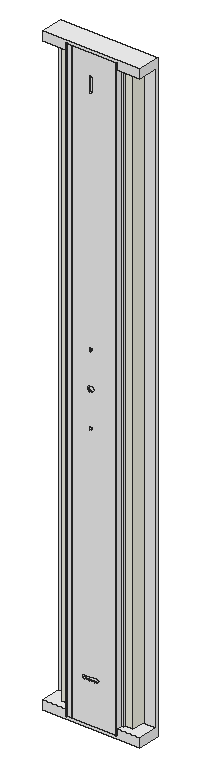
Revit family "STH9741BR_27_PTO_27_STH9741BR_30_PTO_30", category Luminárias, Revit 2023
Family settings
  Hospedeiro = Parede
  Cota do conector redondo = Utilizar diâmetro
  Tipo de parte = Normal
  Número OmniClass = 23.80.70.00
  Título OmniClass = Lighting
  Sempre na vertical = Sim
  Corte com vazios quando carregada = Não
  Fonte luminosa = Sim
  Manter orientação da anotação = Não
  Compartilhado = Não
  Ponto de cálculo do ambiente = Não
Parameters (values of type "STH9741BR/27 - BRANCO - BIVOLT - 2700K - 1800lm")
  Ângulo de Abertura = "110°/110°"
  Wattage = 23.5624 W
  URL = "https://stella.com.br/"
  Troca de temperatura da cor de lâmpada com esmaecimento = <Nenhum>
  Tensão Elétrica = "100V-240V"
  built-in parameter 1150107 = 2700 (stored number, unit not read)
  Temperatura da cor (K) = 2700 K
  Tamanho do símbolo da fonte luminosa = 0.6096 m
  Referência = "STH9741BR/27"
  Profundidade = 0.027 m
  Potência = 20 W
  built-in parameter 1150110 = 1 (stored number, unit not read)
  built-in parameter 1150109 = 1 (stored number, unit not read)
  built-in parameter 1114218 = 1 (stored number, unit not read)
  built-in parameter 1150112 = 1 (stored number, unit not read)
  built-in parameter 1150113 = 1 (stored number, unit not read)
  built-in parameter 1150132 = 2
  built-in parameter 1150137 = (empty or 0)
  Modelo = "Reflex"
  built-in parameter 1150106 = 11.141 (stored number, unit not read)
  built-in parameter 1150102 = (empty or 0)
  built-in parameter 1150105 = 1114.1 (stored number, unit not read)
  IRC (Índice de reprodução de cores) = ">80"
  Grau de proteção (IP) = "IP65"
  Fluxo Luminoso_STH9741_3000K = no
  Fluxo Luminoso_STH9741_2700K = yes
  Color Filter = 16777215
  built-in parameter 1114217 = 1 (stored number, unit not read)
  built-in parameter 1150139 = (empty or 0)
  Estrutura = Al Branco
  Luminoso = Luminoso - 2700K
  Largura = 0.115 m
  Fluxo Luminoso = 1800 lm
  Fabricante = "Stella"
  Emitir do comprimento da linha = 0.6096 m
  Default Elevation = 0.00 m
  built-in parameter 1150104 = 13.8 (stored number, unit not read)
  Dimerização = "Não dimerizável"
  built-in parameter 1150115 = 1 (stored number, unit not read)
  built-in parameter 1150114 = 1 (stored number, unit not read)
  Lumens = 3500 lm
  built-in parameter 1150138 = (empty or 0)
  built-in parameter 1150134 = (empty or 0)
  Comprimento = 0.72 m
  built-in parameter 1150133 = 10 (stored number, unit not read)
Types (5, lengths in m): name | built-in parameter 1150107 | Temperatura da cor (K) | Referência | Fluxo Luminoso_STH9741_3000K | Fluxo Luminoso_STH9741_2700K | Estrutura | Luminoso | Fluxo Luminoso
  (no name) | 2700 (stored number, unit not read) | 2700 K | "STH9741BR/27" | no | yes | Al Branco | Luminoso - 2700K | 1800 lm
  STH9741BR/30 - BRANCO - BIVOLT - 3000K - 1900lm | 3000 (stored number, unit not read) | 3000 K | "STH9741BR/30" | yes | no | Al Branco | Luminoso - 3000K | 1900 lm
  STH9741BR/27 - BRANCO - BIVOLT - 2700K - 1800lm | 2700 (stored number, unit not read) | 2700 K | "STH9741BR/27" | no | yes | Al Branco | Luminoso - 2700K | 1800 lm
  STH9741PTO/27 - PRETO - BIVOLT - 2700K - 1350lm | 2700 (stored number, unit not read) | 2700 K | "STH9741PTO/27" | no | yes | Al - Preto | Luminoso - 2700K | 1350 lm
  STH9741PTO/30 - PRETO - BIVOLT - 3000K - 1450lm | 3000 (stored number, unit not read) | 3000 K | "STH9741PTO/30" | yes | no | Al - Preto | Luminoso - 3000K | 1450 lm
Reference planes (m)
  plane 1: y = 0
  plane 2 "Eixo de origem da luz (F/T)": y = 0.012631
  plane 3 "Eixo de origem da luz (E/D)": x = -0.036356
  plane 4 "Elevação da origem da luz": z = 1
  plane 5: x = -0.093856
  plane 6: x = 0.021144
  plane 7: y = 0.027
  plane 8: z = 0.64
  plane 9: z = 1.36
Forms (m)
  Extrusion 1, solid, material "Al Branco" <- "Estrutura"
    sketch origin (0, 0, 1) x (0, 1, 0) y (-1, 0, 0)
      loop
        line (0.0012, 0.065156) -> (0, 0.065156) -> (0, 0.007556) -> (0.0012, 0.007556) -> (0.0012, 0.008556) -> (0.0075, 0.008556) -> (0.0108, 0.00993) -> (0.0115, 0.008556) -> (0.013612, 0.009679) -> (0.013142, 0.010562) -> (0.012176, 0.010048) -> (0.010989, 0.011235) -> (0.007858, 0.00993) -> (0.00705, 0.00993) -> (0.0012, 0.012696) -> (0.0012, 0.060015) -> (0.00705, 0.062781) -> (0.007858, 0.062781) -> (0.010989, 0.061476) -> (0.012176, 0.062663) -> (0.013142, 0.062149) -> (0.013612, 0.063032) -> (0.0115, 0.064156) -> (0.0108, 0.062781) -> (0.0075, 0.064156) -> (0.0012, 0.064156) -> (0.0012, 0.065156)
      loop
        line (0.0012, 0.060652) -> (0.005513, 0.062781) -> (0.0012, 0.062781) -> (0.0012, 0.060652)
      loop
        line (0.0012, 0.01206) -> (0.0012, 0.00993) -> (0.005513, 0.00993) -> (0.0012, 0.01206)
    from -0.3572 to 0.35702
  Extrusion 2, solid, material "Al Branco" <- "Estrutura"
    sketch origin (0, 0, 1) x (0, 1, 0) y (-1, 0, 0)
      loop
        line (0.0238, 0.093856) -> (0.0238, -0.021144) -> (0.0263, -0.021144) -> (0.0263, 0.093856) -> (0.0238, 0.093856)
    from -0.36 to 0.36
  Extrusion 3, solid, material "Luminoso - 2700K" <- "Luminoso"
    sketch origin (0, 0, 1) x (0, 1, 0) y (-1, 0, 0)
      loop
        line (0.0088, -0.006144) -> (0.0238, -0.006144) -> (0.0238, 0.006356) -> (0.0088, 0.006356) -> (0.0088, -0.006144)
      loop
        line (0.0231, 0.005656) -> (0.0095, 0.005656) -> (0.0095, -0.005444) -> (0.0231, -0.005444) -> (0.0231, 0.005656)
    from -0.3492 to 0.3492
  Extrusion 4, solid, material "Luminoso - 2700K" <- "Luminoso"
    sketch origin (-0.072711, 0, 1) x (0, -1, 0) y (1, 0, 0)
      loop
        line (-0.0088, -0.006144) -> (-0.0088, 0.006356) -> (-0.0238, 0.006356) -> (-0.0238, -0.006144) -> (-0.0088, -0.006144)
      loop
        line (-0.0231, 0.005656) -> (-0.0231, -0.005444) -> (-0.0095, -0.005444) -> (-0.0095, 0.005656) -> (-0.0231, 0.005656)
    from -0.3492 to 0.3492
  Extrusion 5, solid, material "Al Branco" <- "Estrutura"
    sketch origin (-0.036356, 0, 0) x (0, -1, 0) y (0, 0, 1)
      loop
        line (-0.0263, 1.36) -> (-0.0263, 1.3492) -> (0, 1.3492) -> (0, 1.36) -> (-0.0263, 1.36)
    from -0.0575 to 0.0575
  Extrusion 6, solid, material "Al Branco" <- "Estrutura"
    sketch origin (0, 0, 1) x (0, 1, 0) y (-1, 0, 0)
      loop
        line (0.008, 0.006356) -> (0.0238, 0.006356) -> (0.0238, 0.008556) -> (0.0193, 0.008556) -> (0.0193, 0.013556) -> (0.0183, 0.013556) -> (0.0183, 0.008556) -> (0.0115, 0.008556) -> (0.0108, 0.00993) -> (0.0075, 0.008556) -> (0.0012, 0.008556) -> (0.0012, 0.007556) -> (0, 0.007556) -> (0, 0.006356) -> (0.0067, 0.006356) -> (0.0067, 0.003556) -> (0.008, 0.003556) -> (0.008, 0.004356) -> (0.0088, 0.004356) -> (0.0088, 0.005356) -> (0.008, 0.005356) -> (0.008, 0.006356)
      loop
        line (0.008, 0.066356) -> (0.008, 0.067356) -> (0.0088, 0.067356) -> (0.0088, 0.068356) -> (0.008, 0.068356) -> (0.008, 0.069156) -> (0.0067, 0.069156) -> (0.0067, 0.066356) -> (0, 0.066356) -> (0, 0.065156) -> (0.0012, 0.065156) -> (0.0012, 0.064156) -> (0.0075, 0.064156) -> (0.0108, 0.062781) -> (0.0115, 0.064156) -> (0.0183, 0.064156) -> (0.0183, 0.059156) -> (0.0193, 0.059156) -> (0.0193, 0.064156) -> (0.0238, 0.064156) -> (0.0238, 0.066356) -> (0.008, 0.066356)
    from -0.3572 to 0.35702
  Extrusion 7, void
    sketch origin (0, 0, 1) x (0, 1, 0) y (-1, 0, 0)
      loop
        line (0, 0.066356) -> (0, 0.006356) -> (0.013612, 0.006356) -> (0.013612, 0.066356) -> (0, 0.066356)
    from 0.3492 to 0.35702
  Extrusion 8, solid, material "Al Branco" <- "Estrutura"
    sketch origin (-0.036356, 0, 2) x (0, -1, 0) y (0, 0, 1)
      loop
        line (-0.0263, -1.36) -> (0, -1.36) -> (0, -1.3492) -> (-0.0263, -1.3492) -> (-0.0263, -1.36)
    from -0.0575 to 0.0575
  Extrusion 9, void
    sketch origin (0, 0, 1) x (0, 1, 0) y (-1, 0, 0)
      loop
        line (0, 0.066356) -> (0, 0.006356) -> (0.013612, 0.006356) -> (0.013612, 0.066356) -> (0, 0.066356)
    from -0.3572 to -0.3492
  Extrusion 10, void
    sketch origin (0, 0, 1) x (0, 1, 0) y (-1, 0, 0)
      loop
        line (0.008, 0.006356) -> (0.0243, 0.006356) -> (0.0243, 0.008556) -> (0.0193, 0.008556) -> (0.0193, 0.013556) -> (0.0183, 0.013556) -> (0.0183, 0.008556) -> (0.0115, 0.008556) -> (0.0108, 0.00993) -> (0.0075, 0.008556) -> (0.0012, 0.008556) -> (0.0012, 0.007556) -> (0, 0.007556) -> (0, 0.006356) -> (0.0067, 0.006356) -> (0.0067, 0.003556) -> (0.008, 0.003556) -> (0.008, 0.004356) -> (0.0088, 0.004356) -> (0.0088, 0.005356) -> (0.008, 0.005356) -> (0.008, 0.006356)
      loop
        line (0.008, 0.066356) -> (0.008, 0.067356) -> (0.0088, 0.067356) -> (0.0088, 0.068356) -> (0.008, 0.068356) -> (0.008, 0.069156) -> (0.0067, 0.069156) -> (0.0067, 0.066356) -> (0, 0.066356) -> (0, 0.065156) -> (0.0012, 0.065156) -> (0.0012, 0.064156) -> (0.0075, 0.064156) -> (0.0108, 0.062781) -> (0.0115, 0.064156) -> (0.0183, 0.064156) -> (0.0183, 0.059156) -> (0.0193, 0.059156) -> (0.0193, 0.064156) -> (0.0243, 0.064156) -> (0.0243, 0.066356) -> (0.008, 0.066356)
    from 0.3492 to 0.35702
  Extrusion 11, void
    sketch origin (0, 0, 1) x (0, 1, 0) y (-1, 0, 0)
      loop
        line (0.008, 0.006356) -> (0.0243, 0.006356) -> (0.0243, 0.008556) -> (0.0193, 0.008556) -> (0.0193, 0.013556) -> (0.0183, 0.013556) -> (0.0183, 0.008556) -> (0.0115, 0.008556) -> (0.0108, 0.00993) -> (0.0075, 0.008556) -> (0.0012, 0.008556) -> (0.0012, 0.007556) -> (0, 0.007556) -> (0, 0.006356) -> (0.0067, 0.006356) -> (0.0067, 0.003556) -> (0.008, 0.003556) -> (0.008, 0.004356) -> (0.0088, 0.004356) -> (0.0088, 0.005356) -> (0.008, 0.005356) -> (0.008, 0.006356)
      loop
        line (0.008, 0.066356) -> (0.008, 0.067356) -> (0.0088, 0.067356) -> (0.0088, 0.068356) -> (0.008, 0.068356) -> (0.008, 0.069156) -> (0.0067, 0.069156) -> (0.0067, 0.066356) -> (0, 0.066356) -> (0, 0.065156) -> (0.0012, 0.065156) -> (0.0012, 0.064156) -> (0.0075, 0.064156) -> (0.0108, 0.062781) -> (0.0115, 0.064156) -> (0.0183, 0.064156) -> (0.0183, 0.059156) -> (0.0193, 0.059156) -> (0.0193, 0.064156) -> (0.0243, 0.064156) -> (0.0243, 0.066356) -> (0.008, 0.066356)
    from -0.3572 to -0.3492
  Extrusion 12, void
    sketch origin (0, 0.012631, 0) x (1, 0, 0) y (0, 0, 1)
      loop
        line (-0.034206, 1.3152) -> (-0.034206, 1.3302)
        arc (-0.034206, 1.3302) -> (-0.036456, 1.33245) -> (-0.038706, 1.3302) r 0.00225
        line (-0.038706, 1.3302) -> (-0.038706, 1.3152)
        arc (-0.038706, 1.3152) -> (-0.036456, 1.31295) -> (-0.034206, 1.3152) r 0.00225
      loop
        arc (-0.043956, 0.69505) -> (-0.046206, 0.6928) -> (-0.043956, 0.69055) r 0.00225
        line (-0.043956, 0.69055) -> (-0.028956, 0.69055)
        arc (-0.028956, 0.69055) -> (-0.026706, 0.6928) -> (-0.028956, 0.69505) r 0.00225
        line (-0.028956, 0.69505) -> (-0.043956, 0.69505)
      loop
        circle (-0.036432, 1.000195) r 0.003752
      loop
        circle (-0.036457, 1.041953) r 0.002101
      loop
        circle (-0.036457, 0.958437) r 0.002101
    from 0.011431 to 0.012631
Cuts and joins
  Extrusion 9, Extrusion 10, Extrusion 11 cuts Extrusion 2
  Extrusion 7, Extrusion 9, Extrusion 10, Extrusion 11 cuts Extrusion 5
  Extrusion 9, Extrusion 10, Extrusion 11 cuts Extrusion 8
  joined: Extrusion 2, Extrusion 5, Extrusion 8
  Extrusion 10, Extrusion 11, Extrusion 12 cuts Extrusion 1
  Extrusion 10 cuts Extrusion 3
  Extrusion 10 cuts Extrusion 4
  Extrusion 12 cuts Extrusion 6
Text (m)
  text "Lado da colocação" at (0, 1.019848, 2.973606), in view "Direita"
  text "Lado da colocação" at (-0.613675, 0.577841, 0), in view "Nível de referência"
  text "Lado da colocação" at (0, 1.206291, 3.020473), in view "Esquerda"
Dimensions and locks (m)
  "Largura": plane 5 to plane 6
  "Profundidade": plane 7 to plane 1
  "Comprimento": plane 8 to plane 9
  plane 5 to plane 3 "Eixo de origem da luz (E/D)" = 0.0575 m
  plane 8 to plane 9 = 0.72 m
Automatic sketch dimensions
  Extrusion 1 sketch curve to host wall = 0.00 m
  host wall to Extrusion 1 sketch curve = 0.0012 m  (x5)
  Extrusion 1 sketch curve to Extrusion 1 sketch curve = 0.004313 m  (x2)
  Extrusion 1 sketch curve to Extrusion 1 sketch curve = 0.001537 m  (x2)
  Extrusion 1 sketch curve to Extrusion 1 sketch curve = 0.00045 m  (x2)
  Extrusion 1 sketch curve to Extrusion 1 sketch curve = 0.000808 m  (x2)
  plane 2 "Eixo de origem da luz (F/T)" to Extrusion 1 sketch curve = 0.001831 m  (x2)
  Extrusion 1 sketch curve to Extrusion 1 sketch curve = 0.000189 m  (x2)
  plane 2 "Eixo de origem da luz (F/T)" to Extrusion 1 sketch curve = 0.001131 m  (x2)
  plane 2 "Eixo de origem da luz (F/T)" to Extrusion 1 sketch curve = 0.000455 m  (x2)
  Extrusion 1 sketch curve to plane 2 "Eixo de origem da luz (F/T)" = 0.000511 m  (x2)
  Extrusion 1 sketch curve to plane 2 "Eixo de origem da luz (F/T)" = 0.000981 m  (x2)
  Extrusion 1 sketch curve to plane 6 = 0.0287 m
  Extrusion 1 sketch curve to Extrusion 1 sketch curve = 0.001 m  (x2)
  Extrusion 1 sketch curve to Extrusion 1 sketch curve = 0.00 m  (x2)
  Extrusion 1 sketch curve to Extrusion 1 sketch curve = 0.001124 m
  Extrusion 1 sketch curve to Extrusion 1 sketch curve = 0.001375 m  (x3)
  Extrusion 1 sketch curve to Extrusion 1 sketch curve = 0.000118 m
  Extrusion 1 sketch curve to Extrusion 1 sketch curve = 0.001305 m  (x3)
  Extrusion 1 sketch curve to Extrusion 1 sketch curve = 0.002129 m
  Extrusion 1 sketch curve to Extrusion 1 sketch curve = 0.000637 m  (x2)
  plane 3 "Eixo de origem da luz (E/D)" to Extrusion 1 sketch curve = 0.023659 m
  Extrusion 1 sketch curve to Extrusion 1 sketch curve = 0.000825 m
  Extrusion 1 sketch curve to Extrusion 1 sketch curve = 0.000673 m
  Extrusion 1 sketch curve to Extrusion 1 sketch curve = 0.000514 m
  Extrusion 2 sketch curve to plane 6 = 0.00 m
  Extrusion 2 sketch curve to plane 5 = 0.00 m
  Extrusion 2 sketch curve to plane 7 = 0.0032 m
  Extrusion 2 sketch curve to plane 7 = 0.0007 m
  plane 2 "Eixo de origem da luz (F/T)" to Extrusion 3 sketch curve = 0.003831 m
  Extrusion 3 sketch curve to Extrusion 3 sketch curve = 0.0007 m  (x4)
  Extrusion 3 sketch curve to plane 7 = 0.0039 m
  Extrusion 3 sketch curve to plane 6 = 0.015 m
  Extrusion 3 sketch curve to Extrusion 3 sketch curve = 0.0111 m
  Extrusion 4 sketch curve to plane 7 = 0.0032 m
  Extrusion 4 sketch curve to Extrusion 4 sketch curve = 0.0007 m  (x4)
  plane 2 "Eixo de origem da luz (F/T)" to Extrusion 4 sketch curve = 0.003131 m
  plane 5 to Extrusion 4 sketch curve = 0.015 m
  Extrusion 4 sketch curve to Extrusion 4 sketch curve = 0.0111 m
  plane 9 to Extrusion 5 sketch curve = 0.00 m
  Extrusion 5 sketch curve to host wall = 0.00 m
  Extrusion 5 sketch curve to plane 7 = 0.0007 m
  plane 9 to Extrusion 5 sketch curve = 0.0108 m
  Extrusion 6 sketch curve to host wall = 0.00 m  (x2)
  Extrusion 6 sketch curve to Extrusion 6 sketch curve = 0.0012 m  (x3)
  host wall to Extrusion 6 sketch curve = 0.0012 m
  Extrusion 6 sketch curve to Extrusion 6 sketch curve = 0.0055 m  (x2)
  Extrusion 6 sketch curve to Extrusion 6 sketch curve = 0.0008 m  (x6)
  Extrusion 6 sketch curve to Extrusion 6 sketch curve = 0.0013 m  (x3)
  Extrusion 6 sketch curve to Extrusion 6 sketch curve = 0.00 m  (x3)
  plane 2 "Eixo de origem da luz (F/T)" to Extrusion 6 sketch curve = 0.001831 m  (x2)
  plane 2 "Eixo de origem da luz (F/T)" to Extrusion 6 sketch curve = 0.001131 m  (x2)
  Extrusion 6 sketch curve to plane 2 "Eixo de origem da luz (F/T)" = 0.005669 m  (x2)
  Extrusion 6 sketch curve to Extrusion 6 sketch curve = 0.001 m  (x8)
  Extrusion 6 sketch curve to plane 7 = 0.0032 m  (x2)
  Extrusion 6 sketch curve to plane 6 = 0.0247 m
  Extrusion 6 sketch curve to Extrusion 6 sketch curve = 0.0022 m  (x3)
  Extrusion 6 sketch curve to Extrusion 6 sketch curve = 0.001375 m  (x2)
  Extrusion 6 sketch curve to Extrusion 6 sketch curve = 0.005 m  (x2)
  plane 3 "Eixo de origem da luz (E/D)" to Extrusion 6 sketch curve = 0.0228 m
  Extrusion 6 sketch curve to Extrusion 6 sketch curve = 0.003625 m
  Extrusion 7 sketch curve to host wall = 0.00 m
  Extrusion 7 sketch curve to plane 2 "Eixo de origem da luz (F/T)" = 0.000981 m
  Extrusion 7 sketch curve to plane 6 = 0.0275 m
  plane 5 to Extrusion 7 sketch curve = 0.0275 m
  plane 8 to Extrusion 8 sketch curve = 0.00 m
  Extrusion 8 sketch curve to host wall = 0.00 m
  Extrusion 8 sketch curve to plane 7 = 0.0007 m
  Extrusion 8 sketch curve to plane 8 = 0.0108 m
  Extrusion 9 sketch curve to host wall = 0.00 m
  Extrusion 9 sketch curve to plane 2 "Eixo de origem da luz (F/T)" = 0.000981 m
  Extrusion 9 sketch curve to plane 6 = 0.0275 m
  plane 5 to Extrusion 9 sketch curve = 0.0275 m
  Extrusion 10 sketch curve to host wall = 0.00 m  (x2)
  Extrusion 10 sketch curve to Extrusion 10 sketch curve = 0.0012 m  (x3)
  host wall to Extrusion 10 sketch curve = 0.0012 m
  Extrusion 10 sketch curve to Extrusion 10 sketch curve = 0.0055 m  (x2)
  Extrusion 10 sketch curve to Extrusion 10 sketch curve = 0.0008 m  (x6)
  Extrusion 10 sketch curve to Extrusion 10 sketch curve = 0.0013 m  (x3)
  Extrusion 10 sketch curve to Extrusion 10 sketch curve = 0.00 m  (x3)
  plane 2 "Eixo de origem da luz (F/T)" to Extrusion 10 sketch curve = 0.001831 m  (x2)
  plane 2 "Eixo de origem da luz (F/T)" to Extrusion 10 sketch curve = 0.001131 m  (x2)
  Extrusion 10 sketch curve to plane 2 "Eixo de origem da luz (F/T)" = 0.005669 m  (x2)
  Extrusion 10 sketch curve to Extrusion 10 sketch curve = 0.001 m  (x8)
  Extrusion 10 sketch curve to plane 7 = 0.0027 m  (x2)
  Extrusion 10 sketch curve to plane 6 = 0.0247 m
  Extrusion 10 sketch curve to Extrusion 10 sketch curve = 0.0022 m  (x3)
  Extrusion 10 sketch curve to Extrusion 10 sketch curve = 0.001375 m  (x2)
  Extrusion 10 sketch curve to Extrusion 10 sketch curve = 0.005 m  (x2)
  plane 3 "Eixo de origem da luz (E/D)" to Extrusion 10 sketch curve = 0.0228 m
  Extrusion 10 sketch curve to Extrusion 10 sketch curve = 0.003625 m
  Extrusion 11 sketch curve to host wall = 0.00 m  (x2)
  Extrusion 11 sketch curve to Extrusion 11 sketch curve = 0.0012 m  (x3)
  host wall to Extrusion 11 sketch curve = 0.0012 m
  Extrusion 11 sketch curve to Extrusion 11 sketch curve = 0.0055 m  (x2)
  Extrusion 11 sketch curve to Extrusion 11 sketch curve = 0.0008 m  (x6)
  Extrusion 11 sketch curve to Extrusion 11 sketch curve = 0.0013 m  (x3)
  Extrusion 11 sketch curve to Extrusion 11 sketch curve = 0.00 m  (x3)
  plane 2 "Eixo de origem da luz (F/T)" to Extrusion 11 sketch curve = 0.001831 m  (x2)
  plane 2 "Eixo de origem da luz (F/T)" to Extrusion 11 sketch curve = 0.001131 m  (x2)
  Extrusion 11 sketch curve to plane 2 "Eixo de origem da luz (F/T)" = 0.005669 m  (x2)
  Extrusion 11 sketch curve to Extrusion 11 sketch curve = 0.001 m  (x8)
  Extrusion 11 sketch curve to plane 7 = 0.0027 m  (x2)
  plane 5 to Extrusion 11 sketch curve = 0.0903 m
  Extrusion 11 sketch curve to Extrusion 11 sketch curve = 0.0022 m  (x3)
  Extrusion 11 sketch curve to Extrusion 11 sketch curve = 0.001375 m  (x2)
  Extrusion 11 sketch curve to Extrusion 11 sketch curve = 0.005 m  (x2)
  Extrusion 11 sketch curve to Extrusion 11 sketch curve = 0.0456 m
  Extrusion 11 sketch curve to Extrusion 11 sketch curve = 0.003625 m
  plane 3 "Eixo de origem da luz (E/D)" to Extrusion 12 sketch curve = 0.0076 m
  Extrusion 12 sketch curve to Extrusion 12 sketch curve = 0.00 m
  plane 3 "Eixo de origem da luz (E/D)" to Extrusion 12 sketch curve = 0.00235 m
  plane 3 "Eixo de origem da luz (E/D)" to Extrusion 12 sketch curve = 0.000101 m  (x2)
  plane 3 "Eixo de origem da luz (E/D)" to Extrusion 12 sketch curve = 0.0001 m
  plane 3 "Eixo de origem da luz (E/D)" to Extrusion 12 sketch curve = 0.000076 m
  Extrusion 12 sketch curve to plane 3 "Eixo de origem da luz (E/D)" = 0.0074 m
  Extrusion 12 sketch curve to plane 8 = 0.05055 m
  Extrusion 12 sketch curve to Extrusion 12 sketch curve = 0.00225 m
  plane 4 "Elevação da origem da luz" to Extrusion 12 sketch curve = 0.041563 m
  Extrusion 12 sketch curve to plane 4 "Elevação da origem da luz" = 0.000195 m
  Extrusion 12 sketch curve to Extrusion 12 sketch curve = 0.041758 m
  plane 9 to Extrusion 12 sketch curve = 0.0448 m
  Extrusion 12 sketch curve to Extrusion 12 sketch curve = 0.015 m
  radius of Extrusion 12 sketch curve = 0.003752 m
  radius of Extrusion 12 sketch curve = 0.002101 m  (x2)
Nested families (m)
  nested 1: "Fluxo Luminoso_Reflex STH9741_3000K" at (-0.079356, 0.000959, 0.641595) x (-1, 0, 0) z (0, 0, 1), visible <- "Fluxo Luminoso_STH9741_3000K", type "Fluxo Luminoso_Reflex STH9741_3000K"
  nested 2: "Fluxo Luminoso_Reflex STH9741_2700K" at (-0.079356, 0.000959, 0.641595) x (-1, 0, 0) z (0, 0, 1), visible <- "Fluxo Luminoso_STH9741_2700K", type "Fluxo Luminoso_Reflex STH9741_2700K"
Connectors (m)
  electrical at (-0.036356, 0.012631, 1)
    settings: index 1, voltage 0 V, apparent load 0 VA, apparent load phase1 0 VA, apparent load phase2 0 VA, apparent load phase3 0 VA, power factor 1, load classification "Outro", number of poles 1, system type 31, power factor state 1, is connector primary yes, connector utility no, sub classification motor no, connector description ""
Definition of nested family "Fluxo Luminoso_Reflex STH9741_3000K"
  Parameters (values of type "Fluxo Luminoso_Reflex STH9741_3000K")
    Wattage = 26.9284 W
    Light Source Symbol Size = 0.6096 m
    built-in parameter 1150110 = 1 (stored number, unit not read)
    Largura = 0.115 m
    built-in parameter 1114217 = 1 (stored number, unit not read)
    built-in parameter 1150109 = 1 (stored number, unit not read)
    Emit from Line Length = 0.6096 m
    Default Elevation = 0.00 m
    built-in parameter 1150134 = (empty or 0)
    built-in parameter 1150113 = 1 (stored number, unit not read)
    Lumens = 4000 lm
    built-in parameter 1150115 = 1 (stored number, unit not read)
    built-in parameter 1150105 = 1273.2 (stored number, unit not read)
    built-in parameter 1150137 = (empty or 0)
    built-in parameter 1150139 = (empty or 0)
    built-in parameter 1150112 = 1 (stored number, unit not read)
    built-in parameter 1150114 = 1 (stored number, unit not read)
    built-in parameter 1150132 = 2
    built-in parameter 1150102 = (empty or 0)
    built-in parameter 1150138 = (empty or 0)
    built-in parameter 1150107 = 3000 (stored number, unit not read)
    built-in parameter 1150106 = 12.732 (stored number, unit not read)
    built-in parameter 1150104 = 13.8 (stored number, unit not read)
    Dimming Lamp Color Temperature Shift = (empty or 0)
    Color Filter = 16777215
    built-in parameter 1114218 = 1 (stored number, unit not read)
    Comprimento = 0.72 m
    built-in parameter 1150133 = 10 (stored number, unit not read)
  Reference planes (m)
    plane 1 "Plano de inclinação (F/T)": y = 0
    plane 2: z = 0
    plane 3 "Eixo de origem da luz (E/D)": x = 0
    plane 4 "Elevação da origem da luz": z = 0.72
    plane 5: y = 0.0575
    plane 6: y = -0.0575
  Text (m)
    text "Ângulo de inclinação de 0 graus" at (0.809978, -4.572, 1.586413), in view "Parte frontal"
    text "90" at (-0.194597, -4.572, 2.488248), in view "Parte frontal"
    text "180" at (-1.13068, -4.572, 1.586413), in view "Parte frontal"
    text "270" at (-0.320169, -4.572, 0.456265), in view "Parte frontal"
    text "Ângulo de inclinação de 0 graus" at (1.952354, 4.572, 1.54298), in view "Parte posterior"
    text "180" at (-0.876627, 4.572, 1.524796), in view "Parte posterior"
    text "90" at (0.296375, 4.572, 2.698908), in view "Parte posterior"
    text "270" at (0.421947, 4.572, 0.666926), in view "Parte posterior"
  Dimensions and locks (m)
    "Largura": plane 5 to plane 6
    plane 4 "Elevação da origem da luz" to level = 0.72 m
    aligned and locked: level to plane 2
Definition of nested family "Fluxo Luminoso_Reflex STH9741_2700K"
  Parameters (values of type "Fluxo Luminoso_Reflex STH9741_2700K")
    Wattage = 26.9284 W
    Light Source Symbol Size = 0.6096 m
    built-in parameter 1150110 = 1 (stored number, unit not read)
    Largura = 0.115 m
    built-in parameter 1114217 = 1 (stored number, unit not read)
    built-in parameter 1150109 = 1 (stored number, unit not read)
    Emit from Line Length = 0.6096 m
    Default Elevation = 0.00 m
    built-in parameter 1150134 = (empty or 0)
    built-in parameter 1150113 = 1 (stored number, unit not read)
    Lumens = 4000 lm
    built-in parameter 1150115 = 1 (stored number, unit not read)
    built-in parameter 1150105 = 1273.2 (stored number, unit not read)
    built-in parameter 1150137 = (empty or 0)
    built-in parameter 1150139 = (empty or 0)
    built-in parameter 1150112 = 1 (stored number, unit not read)
    built-in parameter 1150114 = 1 (stored number, unit not read)
    built-in parameter 1150132 = 2
    built-in parameter 1150102 = (empty or 0)
    built-in parameter 1150138 = (empty or 0)
    built-in parameter 1150107 = 2700 (stored number, unit not read)
    built-in parameter 1150106 = 12.732 (stored number, unit not read)
    built-in parameter 1150104 = 13.8 (stored number, unit not read)
    Dimming Lamp Color Temperature Shift = (empty or 0)
    Color Filter = 16777215
    built-in parameter 1114218 = 1 (stored number, unit not read)
    Comprimento = 0.72 m
    built-in parameter 1150133 = 10 (stored number, unit not read)
  Reference planes (m)
    plane 1 "Plano de inclinação (F/T)": y = 0
    plane 2: z = 0
    plane 3 "Eixo de origem da luz (E/D)": x = 0
    plane 4 "Elevação da origem da luz": z = 0.72
    plane 5: y = 0.0575
    plane 6: y = -0.0575
  Text (m)
    text "Ângulo de inclinação de 0 graus" at (0.809978, -4.572, 1.586413), in view "Parte frontal"
    text "90" at (-0.194597, -4.572, 2.488248), in view "Parte frontal"
    text "180" at (-1.13068, -4.572, 1.586413), in view "Parte frontal"
    text "270" at (-0.320169, -4.572, 0.456265), in view "Parte frontal"
    text "Ângulo de inclinação de 0 graus" at (1.952354, 4.572, 1.54298), in view "Parte posterior"
    text "180" at (-0.876627, 4.572, 1.524796), in view "Parte posterior"
    text "90" at (0.296375, 4.572, 2.698908), in view "Parte posterior"
    text "270" at (0.421947, 4.572, 0.666926), in view "Parte posterior"
  Dimensions and locks (m)
    "Largura": plane 5 to plane 6
    plane 4 "Elevação da origem da luz" to level = 0.72 m
    aligned and locked: level to plane 2
